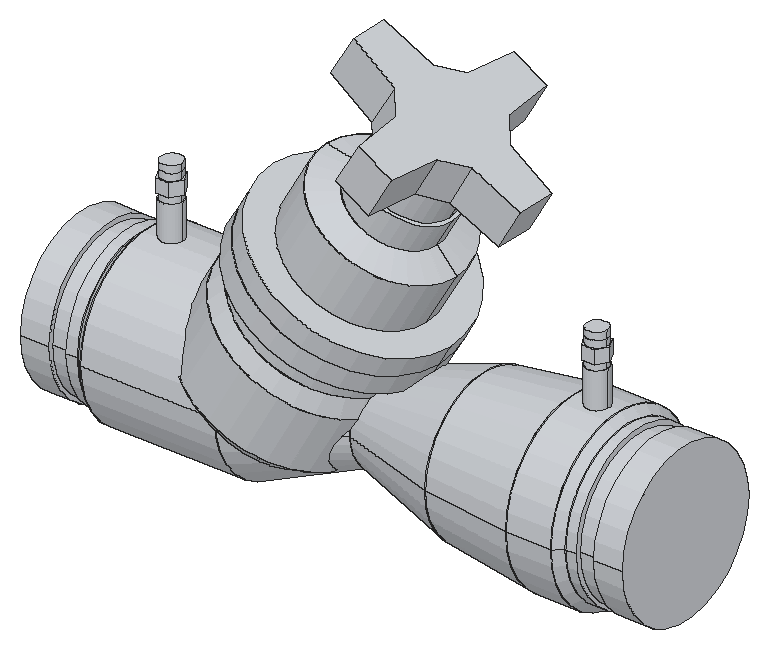
Revit family "447_d-DN050-RFA_2019", category Pipe Accessories, Revit 2019
Family settings
  Round Connector Dimension = Use Diameter
  Part Type = Valve - Breaks Into
  Work Plane-Based = No
  Always vertical = Yes
  Cut with Voids When Loaded = No
  Shared = No
Parameters (values of type "447_d-DN050")
  magiProductId = "b59a3d0ad4654cda90cee0c397c848"
  magiProductFamilyId = "eab8c084d85f47fc9aed3208e9defb"
  magiPartTypeId = 304
  isMeasuringValve [instance] = no
  ang2D [instance] = 0.00°
  W3 = 9.08 mm
  W2D = 100 mm
  W2 = 17.092 mm
  W1 = 7.25 mm
  VersionID = "2.0/2018.4.11.4/ZETKAMA_447_GROOVED_001"
  Use Minimum Symbol Size [instance] = yes
  URL = "www.hydronix.cz"
  Type Comments = "drážkový spoj; PN16; -10~+120°C;"
  R9 = 39 mm
  R8 = 16.5 mm
  R7 = 18 mm
  R6 = 36 mm
  R5 = 37 mm
  R4 = 16.5 mm
  R3 = 33 mm
  R2 = 28.5 mm
  R13 = 4.933 mm
  R12 = 3.861 mm
  R11 = 4.29 mm
  R1 = 30 mm
  R = 25 mm
  QmdConnectorList = "301;D;302;D"
  Productdata [instance] = ""
  Model = ""
  Manufacturer = "Hydronix"
  Maintenance Zone Under Depth [instance] = 30 mm
  Maintenance Zone Right Depth [instance] = 230 mm
  Maintenance Zone Over Depth [instance] = 130 mm
  Maintenance Zone Left Depth [instance] = 230 mm
  Maintenance Zone Front Depth [instance] = 130 mm
  Maintenance Zone Back Depth [instance] = 130 mm
  Maintenance Zone Front Visibility [instance] = no
  MC Product Code = "447 050 d (DN50; PN16 kvs32,15)"
  MC Piping Given Pressure Drop [instance] = 0.0 Pa
  L9 = 34.317 mm
  L8__ve = -L8  # -17.159 mm
  L8 = 17.159 mm
  L6 = 51.476 mm
  L5 = 3.286 mm
  L4__ve = -L4  # -4.381 mm
  L4 = 4.381 mm
  L3__ve = -L3  # -6.571 mm
  L3 = 6.571 mm
  L2__ve = -L2  # -10.952 mm
  L2D_Min = 3048 mm
  L2D = 350 mm
  L2 = 10.952 mm
  L13 = 8.579 mm
  L12 = 7.25 mm
  L11 = 9.08 mm
  L10 = 17.092 mm
  L1 = 115 mm
  KZ = 19.167 mm
  KL = 33.198 mm
  H9 = 3.433 mm
  H8 = 22.317 mm
  H7 = 8.583 mm
  H6 = 10.3 mm
  H5 = 6.867 mm
  H4 = 25.75 mm
  H17 = 5.2 mm
  H16 = 2.6 mm
  H15 = 46 mm
  H14 = 17.167 mm
  H13 = 12.875 mm
  H11 = 13.733 mm
  H10 = 12.017 mm
  Description = "Ruční vyvažovací ventil s drážkovým spojem"
  D = 50 mm
  CenSd_R13_6 = R13 * cos(30.00°)  # 4.272 mm
  Clearance Zone Height Depth [instance] = 130 mm
  Clearance Zone Circular Radius [instance] = 115 mm
  Clearance Zone Visibility [instance] = no
Types (10, lengths in mm): name | magiProductId | W3 | W2 | W1 | R9 | R8 | R7 | R6 | R5 | R4 | R3 | R2 | R13 | R12 | R11 | R1 | R | Maintenance Zone Under Depth | Maintenance Zone Right Depth | Maintenance Zone Over Depth | Maintenance Zone Left Depth | Maintenance Zone Front Depth | Maintenance Zone Back Depth | MC Product Code | L9 | L8__ve | L8 | L6 | L5 | L4__ve | L4 | L3__ve | L3 | L2__ve | L2 | L13 | L12 | L11 | L10 | L1 | KZ | KL | H9 | H8 | H7 | H6 | H5 | H4 | H17 | H16 | H15 | H14 | H13 | H11 | H10 | D | CenSd_R13_6 | Clearance Zone Height Depth | Clearance Zone Circular Radius
  447_d-DN100 | "e5a6bfdd9ca54003a0551f5d760c3c" | 14.437 | 30.026 | 12.736 | 74.1 | 31.35 | 34.2 | 68.4 | 65 | 31.35 | 62.7 | 54.15 | 7.507 | 5.875 | 6.528 | 57 | 50 | 57 | 350 | 240 | 350 | 130 | 130 | "447 100 d (DN100; PN16 kvs180,5)" | 52.222 | -26.111 | 26.111 | 78.333 | 5 | -6.667 | 6.667 | -10 | 10 | -16.667 | 16.667 | 13.056 | 12.736 | 14.437 | 30.026 | 175 | 29.167 | 50.518 | 6.389 | 41.531 | 15.973 | 19.168 | 12.779 | 47.92 | 9.6 | 4.8 | 86.7 | 31.947 | 23.96 | 25.557 | 22.363 | 100 | 6.501 | 240 | 175
  447_d-DN125 | "5795ec580370482d8c46e49d975863" | 14.437 | 30.026 | 12.736 | 91.65 | 38.775 | 42.3 | 84.6 | 65 | 38.775 | 77.55 | 66.975 | 8.579 | 6.714 | 7.46 | 70.5 | 62.5 | 71 | 400 | 260 | 400 | 130 | 130 | "447 125 d (DN125; PN16 kvs280,0)" | 59.683 | -29.841 | 29.841 | 89.524 | 5.714 | -7.619 | 7.619 | -11.429 | 11.429 | -19.048 | 19.048 | 14.921 | 12.736 | 14.437 | 30.026 | 200 | 33.333 | 57.735 | 7.005 | 45.534 | 17.513 | 21.016 | 14.01 | 52.539 | 10.4 | 5.2 | 103.55 | 35.026 | 26.269 | 28.021 | 24.518 | 125 | 7.43 | 260 | 200
  447_d-DN150 | "9b6b5ad10a674c51b522359e7e2d39" | 14.437 | 30.026 | 12.736 | 109.2 | 46.2 | 50.4 | 100.8 | 65 | 46.2 | 92.4 | 79.8 | 10.295 | 8.057 | 8.952 | 84 | 75 | 84 | 480 | 285 | 480 | 130 | 130 | "447 150 d (DN150; PN16 kvs383,4)" | 71.619 | -35.81 | 35.81 | 107.429 | 6.857 | -9.143 | 9.143 | -13.714 | 13.714 | -22.857 | 22.857 | 17.905 | 12.736 | 14.437 | 30.026 | 240 | 40 | 69.282 | 7.775 | 50.537 | 19.437 | 23.325 | 15.55 | 58.312 | 11.4 | 5.7 | 120.9 | 38.875 | 29.156 | 31.1 | 27.212 | 150 | 8.916 | 285 | 240
  447_d-DN200 | "f5a67fe5c2444fc986ed7f87b9a4ed" | 31.658 | 71.601 | 30.372 | 142.35 | 60.225 | 65.7 | 131.4 | 155 | 60.225 | 120.45 | 104.025 | 12.869 | 10.071 | 11.19 | 109.5 | 100 | 110 | 600 | 480 | 600 | 310 | 310 | "447 200 d (DN200; PN16 kvs710,0)" | 89.524 | -44.762 | 44.762 | 134.286 | 8.571 | -11.429 | 11.429 | -17.143 | 17.143 | -28.571 | 28.571 | 22.381 | 30.372 | 31.658 | 71.601 | 300 | 50 | 86.603 | 12.394 | 80.56 | 30.984 | 37.181 | 24.788 | 92.953 | 19.2 | 9.6 | 168.45 | 61.969 | 46.477 | 49.575 | 43.378 | 200 | 11.145 | 480 | 300
  447_d-DN250 | "7d63ae0d28f64990bc8ce3477101ef" | 31.658 | 71.601 | 30.372 | 177.45 | 75.075 | 81.9 | 163.8 | 155 | 75.075 | 150.15 | 129.675 | 15.657 | 12.254 | 13.615 | 136.5 | 125 | 137 | 730 | 525 | 730 | 310 | 310 | "447 250 d (DN250; PN16 kvs1187,5)" | 108.921 | -54.46 | 54.46 | 163.381 | 10.429 | -13.905 | 13.905 | -20.857 | 20.857 | -34.762 | 34.762 | 27.23 | 30.372 | 31.658 | 71.601 | 365 | 60.833 | 105.366 | 13.779 | 89.566 | 34.449 | 41.338 | 27.559 | 103.346 | 21 | 10.5 | 202.65 | 68.897 | 51.673 | 55.118 | 48.228 | 250 | 13.56 | 525 | 365
  447_d-DN300 | "0a2a34dba99a430aa7daf784d6b0c1" | 31.658 | 71.601 | 30.372 | 210.6 | 89.1 | 97.2 | 194.4 | 155 | 89.1 | 178.2 | 153.9 | 18.231 | 14.268 | 15.853 | 162 | 150 | 162 | 850 | 535 | 850 | 310 | 310 | "447 300 d (DN300; PN16 kvs1504,1)" | 126.825 | -63.413 | 63.413 | 190.238 | 12.143 | -16.19 | 16.19 | -24.286 | 24.286 | -40.476 | 40.476 | 31.706 | 30.372 | 31.658 | 71.601 | 425 | 70.833 | 122.687 | 14.087 | 91.568 | 35.218 | 42.262 | 28.175 | 105.655 | 21.4 | 10.7 | 231.7 | 70.437 | 52.828 | 56.349 | 49.306 | 300 | 15.789 | 535 | 425
  447_d-DN040 | "6dc4a6b5eb924103b02307904d600f" | 9.08 | 17.092 | 7.25 | 31.2 | 13.2 | 14.4 | 28.8 | 37 | 13.2 | 26.4 | 22.8 | 4.29 | 3.357 | 3.73 | 24 | 20 | 24 | 200 | 130 | 200 | 74 | 74 | "447 040 d (DN40; PN16 kvs22,36)" | 29.841 | -14.921 | 14.921 | 44.762 | 2.857 | -3.81 | 3.81 | -5.714 | 5.714 | -9.524 | 9.524 | 7.46 | 7.25 | 9.08 | 17.092 | 100 | 16.667 | 28.868 | 3.433 | 22.317 | 8.583 | 10.3 | 6.867 | 25.75 | 5.2 | 2.6 | 39.4 | 17.167 | 12.875 | 13.733 | 12.017 | 40 | 3.715 | 130 | 100
  447_d-DN050 | "b59a3d0ad4654cda90cee0c397c848" | 9.08 | 17.092 | 7.25 | 39 | 16.5 | 18 | 36 | 37 | 16.5 | 33 | 28.5 | 4.933 | 3.861 | 4.29 | 30 | 25 | 30 | 230 | 130 | 230 | 130 | 130 | "447 050 d (DN50; PN16 kvs32,15)" | 34.317 | -17.159 | 17.159 | 51.476 | 3.286 | -4.381 | 4.381 | -6.571 | 6.571 | -10.952 | 10.952 | 8.579 | 7.25 | 9.08 | 17.092 | 115 | 19.167 | 33.198 | 3.433 | 22.317 | 8.583 | 10.3 | 6.867 | 25.75 | 5.2 | 2.6 | 46 | 17.167 | 12.875 | 13.733 | 12.017 | 50 | 4.272 | 130 | 115
  447_d-DN065 | "356db372cd37496c9ff0d3ad255dc6" | 14.437 | 30.026 | 12.736 | 49.4 | 20.9 | 22.8 | 45.6 | 65 | 20.9 | 41.8 | 36.1 | 6.22 | 4.868 | 5.409 | 38 | 32.5 | 38 | 290 | 220 | 290 | 130 | 130 | "447 065 d (DN65; PN16 kvs83,3)" | 43.27 | -21.635 | 21.635 | 64.905 | 4.143 | -5.524 | 5.524 | -8.286 | 8.286 | -13.81 | 13.81 | 10.817 | 12.736 | 14.437 | 30.026 | 145 | 24.167 | 41.858 | 5.774 | 37.528 | 14.434 | 17.321 | 11.547 | 43.301 | 8.8 | 4.4 | 63.8 | 28.868 | 21.651 | 23.094 | 20.207 | 65 | 5.387 | 220 | 145
  447_d-DN080 | "f43aa02b4841429783243073d22ea7" | 14.437 | 30.026 | 12.736 | 57.85 | 24.475 | 26.7 | 53.4 | 65 | 24.475 | 48.95 | 42.275 | 6.649 | 5.204 | 5.782 | 44.5 | 40 | 45 | 310 | 220 | 310 | 130 | 130 | "447 080 d (DN80; PN16 kvs104,3)" | 46.254 | -23.127 | 23.127 | 69.381 | 4.429 | -5.905 | 5.905 | -8.857 | 8.857 | -14.762 | 14.762 | 11.563 | 12.736 | 14.437 | 30.026 | 155 | 25.833 | 44.745 | 5.774 | 37.528 | 14.434 | 17.321 | 11.547 | 43.301 | 8.8 | 4.4 | 70.95 | 28.868 | 21.651 | 23.094 | 20.207 | 80 | 5.758 | 220 | 155
Reference planes
  plane 1 "Center (Front/Back)": y = 0
  plane 2 "XYPLANE": z = 0
  plane 3 "Center (Left/Right)": x = 0
  plane 4 "159": y = 130
  plane 5 "158": y = -130
  plane 6 "157": z = -30
  plane 7 "156": z = 130
  plane 8 "155": x = -230
  plane 9 "154": x = 230
  plane 10 "132": z = 56.4
  plane 11 "125": z = 53.8
  plane 12 "120": z = 48.6
  plane 13 "119": z = 46
  plane 14 "112": x = 81.23
  plane 15 "111": x = -81.23
  plane 16 "109": y = -9.08
  plane 17 "108": y = 9.08
  plane 18 "105": through (352.529, 0, 662.493) normal (0.866, 0, -0.5)
  plane 19 "104": through (339.971, 0, 669.743) normal (0.866, 0, -0.5)
  plane 20 "103": y = -17.092
  plane 21 "102": y = -7.25
  plane 22 "101": y = 17.092
  plane 23 "100": y = 7.25
  plane 24 "99": through (338.387, 0, 670.658) normal (0.866, 0, -0.5)
  plane 25 "98": through (331.448, 0, 674.664) normal (0.866, 0, -0.5)
  plane 26 "97": through (354.113, 0, 661.578) normal (0.866, 0, -0.5)
  plane 27 "96": through (361.052, 0, 657.572) normal (0.866, 0, -0.5)
  plane 28 "95": y = -37
  plane 29 "94": y = 37
  plane 30 "93": through (378.293, 0, 647.618) normal (0.866, 0, -0.5)
  plane 31 "92": through (314.207, 0, 684.618) normal (0.866, 0, -0.5)
  plane 32 "88": x = 38.333
  plane 33 "87": x = 72.651
  plane 34 "81": through (-603.311, 0, 455.035) normal (0.5, 0, 0.866)
  plane 35 "80": through (-610.178, 0, 443.141) normal (0.5, 0, 0.866)
  plane 36 "75": through (-616.186, 0, 432.735) normal (0.5, 0, 0.866)
  plane 37 "72": through (-617.903, 0, 429.761) normal (0.5, 0, 0.866)
  plane 38 "68": through (-629.061, 0, 410.435) normal (0.5, 0, 0.866)
  plane 39 "67": through (-633.353, 0, 403.001) normal (0.5, 0, 0.866)
  plane 40 "62": through (-665.54, 0, 347.251) normal (0.5, 0, 0.866)
  plane 41 "61": through (-637.644, 0, 395.568) normal (0.5, 0, 0.866)
  plane 42 "58": through (-642.794, 0, 386.648) normal (0.5, 0, 0.866)
  plane 43 "56": through (-646.227, 0, 380.701) normal (0.5, 0, 0.866)
  plane 44 "51": y = 0
  plane 45 "49": through (346.25, 0, 666.118) normal (0.866, 0, -0.5)
  plane 46 "48": through (-659.102, 0, 358.401) normal (0.5, 0, 0.866)
  plane 47 "30": x = 89.81
  plane 48 "29": x = 93.095
  plane 49 "28": x = 97.476
  plane 50 "27": x = 104.048
  plane 51 "14": x = -38.333
  plane 52 "13": x = -89.81
  plane 53 "12": x = -93.095
  plane 54 "11": x = -97.476
  plane 55 "10": x = -104.048
  plane 56 "8": x = -115
  plane 57 "7": x = 115
  plane 58 "6": y = 0
  plane 59 "5": x = 0
  plane 60 "4": z = 0
  plane 61 "45XY": through (-649.519, 0, 375) normal (0.5, 0, 0.866)
  plane 62 "45XZ": y = 0
  plane 63 "45YZ": through (375, 0, 649.519) normal (0.866, 0, -0.5)
Forms (mm)
  Blend 1, solid, visible <- "Maintenance Zone Front Visibility"
    base sketch origin (-750, 0, -30) x (1, 0, 0) y (0, 1, 0)
      loop
        line (520, 130) -> (520, -130) -> (980, -130) -> (980, 130) -> (520, 130)
    top sketch origin (-750, 0, -30) x (1, 0, 0) y (0, 1, 0)
      loop
        line (520, 130) -> (520, -130) -> (980, -130) -> (980, 130) -> (520, 130)
    from 0 to 160
  Extrusion 2, solid, visible <- "Clearance Zone Visibility"
    sketch origin (-750, 0, 0) x (1, 0, 0) y (0, 1, 0)
      loop
        circle (750, 0) r 115
    from 0 to 130 <- "Clearance Zone Height Depth"
  Extrusion 3, solid
    sketch origin (-750, 0, 56.4) x (1, 0, 0) y (0, 1, 0)
      loop
        circle (831.23, 0) r 3.861
    from 0 to 2.6 <- "H16"
  Extrusion 4, solid
    sketch origin (-750, 0, 53.8) x (1, 0, 0) y (0, 1, 0)
      loop
        circle (831.23, 0) r 3.861
    from 0 to 2.6 <- "H16"
  Extrusion 5, solid
    sketch origin (-750, 0, 56.4) x (1, 0, 0) y (0, 1, 0)
      loop
        circle (668.77, 0) r 3.861
    from 0 to 2.6 <- "H16"
  Extrusion 6, solid
    sketch origin (-750, 0, 53.8) x (1, 0, 0) y (0, 1, 0)
      loop
        circle (668.77, 0) r 3.861
    from 0 to 2.6 <- "H16"
  Extrusion 7, solid
    sketch origin (-750, 0, 48.6) x (1, 0, 0) y (0, 1, 0)
      loop
        line (836.163, 0) -> (833.697, 4.272) -> (828.764, 4.272) -> (826.297, 0) -> (828.764, -4.272) -> (833.697, -4.272) -> (836.163, 0)
    from 0 to 5.2 <- "H17"
  Extrusion 8, solid
    sketch origin (-750, 0, 48.6) x (1, 0, 0) y (0, 1, 0)
      loop
        line (673.703, 0) -> (671.236, 4.272) -> (666.303, 4.272) -> (663.837, 0) -> (666.303, -4.272) -> (671.236, -4.272) -> (673.703, 0)
    from 0 to 5.2 <- "H17"
  Extrusion 9, solid
    sketch origin (-750, 0, 46) x (1, 0, 0) y (0, 1, 0)
      loop
        circle (831.23, 0) r 3.861
    from 0 to 2.6 <- "H16"
  Extrusion 10, solid
    sketch origin (-750, 0, 46) x (1, 0, 0) y (0, 1, 0)
      loop
        circle (668.77, 0) r 3.861
    from 0 to 2.6 <- "H16"
  Extrusion 11, solid
    sketch origin (-750, 0, 0) x (1, 0, 0) y (0, 1, 0)
      loop
        circle (831.23, 0) r 4.29
    from 0 to 46 <- "H15"
  Extrusion 12, solid
    sketch origin (-750, 0, 0) x (1, 0, 0) y (0, 1, 0)
      loop
        circle (668.77, 0) r 4.29
    from 0 to 46 <- "H15"
  Extrusion 13, solid
    sketch origin (-603.311, 0, 455.035) x (0.866025, 0, -0.5) y (0, 1, 0)
      loop
        line (679.802, 7.25) -> (679.802, -7.25) -> (699.711, -9.08) -> (707.723, -17.092) -> (709.552, -37) -> (724.052, -37) -> (725.882, -17.092) -> (733.894, -9.08) -> (753.802, -7.25) -> (753.802, 7.25) -> (733.894, 9.08) -> (725.882, 17.092) -> (724.052, 37) -> (709.552, 37) -> (707.723, 17.092) -> (699.711, 9.08) -> (679.802, 7.25)
    from 0 to 17.167 <- "H14"
  Blend 14, solid
    base sketch origin (72.651, -750, 0) x (0, 1, 0) y (0, 0, 1)
      loop
        circle (750, 0) r 33
    top sketch origin (72.651, -750, 0) x (0, 1, 0) y (0, 0, 1)
      loop
        circle (750, 0) r 28.5
    from 0 to -34.317
  Extrusion 15, solid
    sketch origin (-633.353, 0, 403.001) x (0.866025, 0, -0.5) y (0, 1, 0)
      loop
        circle (716.802, 0) r 39
    from 0 to 8.583 <- "H7"
  Extrusion 16, solid
    sketch origin (-637.644, 0, 395.568) x (0.866025, 0, -0.5) y (0, 1, 0)
      loop
        circle (716.802, 0) r 39
    from 0 to 8.583 <- "H7"
  Extrusion 17, solid
    sketch origin (-610.178, 0, 443.141) x (0.866025, 0, -0.5) y (0, 1, 0)
      loop
        circle (716.802, 0) r 16.5
    from 0 to 13.733 <- "H11"
  Blend 18, solid
    base sketch origin (-617.903, 0, 429.761) x (0.866025, 0, -0.5) y (0, 1, 0)
      loop
        circle (716.802, 0) r 28.5
    top sketch origin (-617.903, 0, 429.761) x (0.866025, 0, -0.5) y (0, 1, 0)
      loop
        circle (716.802, 0) r 18
    from 0 to 3.433
  Extrusion 19, solid
    sketch origin (-629.061, 0, 410.435) x (0.866025, 0, -0.5) y (0, 1, 0)
      loop
        circle (716.802, 0) r 28.5
    from 0 to 22.317 <- "H8"
  Extrusion 20, solid
    sketch origin (-616.186, 0, 432.735) x (0.866025, 0, -0.5) y (0, 1, 0)
      loop
        circle (716.802, 0) r 18
    from 0 to 12.017 <- "H10"
  Blend 21, solid
    base sketch origin (-659.102, 0, 358.401) x (0.866025, 0, -0.5) y (0, 1, 0)
      loop
        circle (716.802, 0) r 36
    top sketch origin (-659.102, 0, 358.401) x (0.866025, 0, -0.5) y (0, 1, 0)
      loop
        circle (716.802, 0) r 25
    from 0 to -12.875
  Extrusion 22, solid
    sketch origin (-642.794, 0, 386.648) x (0.866025, 0, -0.5) y (0, 1, 0)
      loop
        circle (716.802, 0) r 33
    from 0 to 10.3 <- "H6"
  Blend 23, solid
    base sketch origin (-646.227, 0, 380.701) x (0.866025, 0, -0.5) y (0, 1, 0)
      loop
        circle (716.802, 0) r 36
    top sketch origin (-646.227, 0, 380.701) x (0.866025, 0, -0.5) y (0, 1, 0)
      loop
        circle (716.802, 0) r 33
    from 0 to 6.867
  Extrusion 24, solid
    sketch origin (-659.102, 0, 358.401) x (0.866025, 0, -0.5) y (0, 1, 0)
      loop
        circle (716.802, 0) r 36
    from 0 to 25.75 <- "H4"
  Extrusion 25, solid
    sketch origin (115, -750, 0) x (0, 1, 0) y (0, 0, 1)
      loop
        circle (750, 0) r 30
    from 0 to -10.952 <- "L2__ve"
  Extrusion 26, solid
    sketch origin (104.048, -750, 0) x (0, 1, 0) y (0, 0, 1)
      loop
        circle (750, 0) r 28.5
    from 0 to -6.571 <- "L3__ve"
  Extrusion 27, solid
    sketch origin (97.476, -750, 0) x (0, 1, 0) y (0, 0, 1)
      loop
        circle (750, 0) r 30
    from 0 to -4.381 <- "L4__ve"
  Blend 28, solid
    base sketch origin (93.095, -750, 0) x (0, 1, 0) y (0, 0, 1)
      loop
        circle (750, 0) r 30
    top sketch origin (93.095, -750, 0) x (0, 1, 0) y (0, 0, 1)
      loop
        circle (750, 0) r 33
    from 0 to -3.286
  Extrusion 29, solid
    sketch origin (89.81, -750, 0) x (0, 1, 0) y (0, 0, 1)
      loop
        circle (750, 0) r 33
    from 0 to -17.159 <- "L8__ve"
  Blend 30, solid
    base sketch origin (38.333, -750, 0) x (0, 1, 0) y (0, 0, 1)
      loop
        circle (750, 0) r 28.5
    top sketch origin (38.333, -750, 0) x (0, 1, 0) y (0, 0, 1)
      loop
        circle (750, 0) r 16.5
    from 0 to -38.333
  Blend 31, solid
    base sketch origin (-38.333, -750, 0) x (0, 1, 0) y (0, 0, 1)
      loop
        circle (750, 0) r 33
    top sketch origin (-38.333, -750, 0) x (0, 1, 0) y (0, 0, 1)
      loop
        circle (750, 0) r 16.5
    from 0 to 38.333
  Extrusion 32, solid
    sketch origin (-89.81, -750, 0) x (0, 1, 0) y (0, 0, 1)
      loop
        circle (750, 0) r 33
    from 0 to 51.476 <- "L6"
  Blend 33, solid
    base sketch origin (-93.095, -750, 0) x (0, 1, 0) y (0, 0, 1)
      loop
        circle (750, 0) r 30
    top sketch origin (-93.095, -750, 0) x (0, 1, 0) y (0, 0, 1)
      loop
        circle (750, 0) r 33
    from 0 to 3.286
  Extrusion 34, solid
    sketch origin (-97.476, -750, 0) x (0, 1, 0) y (0, 0, 1)
      loop
        circle (750, 0) r 30
    from 0 to 4.381 <- "L4"
  Extrusion 35, solid
    sketch origin (-104.048, -750, 0) x (0, 1, 0) y (0, 0, 1)
      loop
        circle (750, 0) r 28.5
    from 0 to 6.571 <- "L3"
  Extrusion 36, solid
    sketch origin (-115, -750, 0) x (0, 1, 0) y (0, 0, 1)
      loop
        circle (750, 0) r 30
    from 0 to 10.952 <- "L2"
  Extrusion 37, solid, not visible
    sketch origin (-115, -750, 0) x (0, 1, 0) y (0, 0, 1)
      loop
        circle (750, 0) r 4.514
    from 0 to 10
  Extrusion 38, solid, not visible
    sketch origin (115, -750, 0) x (0, 1, 0) y (0, 0, 1)
      loop
        circle (750, 0) r 4.514
    from 0 to -10
Lines and regions (mm)
  reference lines, not visible
    curve 1: circle (2, 2, 0) r 1 normal (0, 0, 1)
  reference lines
    curve 2: line (81.23, 0, 48.6) -> (79.353, 3.251, 48.6)
    curve 3: line (81.23, 0, 48.6) -> (77.477, 0, 48.6)
    curve 4: line (81.23, 0, 48.6) -> (79.353, -3.251, 48.6)
    curve 5: line (-81.23, 0, 48.6) -> (-83.107, 3.251, 48.6)
    curve 6: line (-81.23, 0, 48.6) -> (-84.984, 0, 48.6)
    curve 7: line (-81.23, 0, 48.6) -> (-83.107, -3.251, 48.6)
Dimensions and locks
  plane 1 "Center (Front/Back)" to curve 1 = 2 mm
  "Maintenance Zone Back Depth": plane 1 "Center (Front/Back)" to plane 4 "159"
  "Maintenance Zone Front Depth": plane 1 "Center (Front/Back)" to plane 5 "158"
  "Maintenance Zone Under Depth": plane 2 "XYPLANE" to plane 6 "157"
  "Maintenance Zone Over Depth": plane 2 "XYPLANE" to plane 7 "156"
  "Maintenance Zone Left Depth": plane 3 "Center (Left/Right)" to plane 8 "155"
  "Maintenance Zone Right Depth": plane 3 "Center (Left/Right)" to plane 9 "154"
  "H16": plane 11 "125" to plane 10 "132"
  "H17": plane 12 "120" to plane 11 "125"
  "H16": plane 13 "119" to plane 12 "120"
  "H15": plane 2 "XYPLANE" to plane 13 "119"
  "L13": plane 47 "30" to plane 14 "112"
  "L13": plane 52 "13" to plane 15 "111"
  "W3": plane 44 "51" to plane 16 "109"
  "W3": plane 44 "51" to plane 17 "108"
  "L12": plane 45 "49" to plane 18 "105"
  "L12": plane 45 "49" to plane 19 "104"
  "W2": plane 58 "6" to plane 20 "103"
  "W1": plane 58 "6" to plane 21 "102"
  "W2": plane 58 "6" to plane 22 "101"
  "W1": plane 58 "6" to plane 23 "100"
  "L11": plane 45 "49" to plane 24 "99"
  "L10": plane 45 "49" to plane 25 "98"
  "L11": plane 45 "49" to plane 26 "97"
  "L10": plane 45 "49" to plane 27 "96"
  "R5": plane 58 "6" to plane 28 "95"
  "R5": plane 58 "6" to plane 29 "94"
  "R5": plane 45 "49" to plane 30 "93"
  "R5": plane 45 "49" to plane 31 "92"
  "L9": plane 33 "87" to plane 32 "88"
  "L8": plane 47 "30" to plane 33 "87"
  "H11": plane 35 "80" to plane 34 "81"
  "H10": plane 36 "75" to plane 35 "80"
  "H9": plane 37 "72" to plane 36 "75"
  "H8": plane 38 "68" to plane 37 "72"
  "H7": plane 39 "67" to plane 38 "68"
  "H7": plane 41 "61" to plane 39 "67"
  "H13": plane 46 "48" to plane 40 "62"
  "H6": plane 42 "58" to plane 41 "61"
  "H5": plane 43 "56" to plane 42 "58"
  "H4": plane 46 "48" to plane 43 "56"
  locked: plane 58 "6" to plane 44 "51"
  "KL": plane 63 "45YZ" to plane 45 "49"
  "KZ": plane 61 "45XY" to plane 46 "48"
  "L5": plane 48 "29" to plane 47 "30"
  "L4": plane 49 "28" to plane 48 "29"
  "L3": plane 50 "27" to plane 49 "28"
  "L2": plane 57 "7" to plane 50 "27"
  "L6": plane 52 "13" to plane 51 "14"
  "L5": plane 53 "12" to plane 52 "13"
  "L4": plane 54 "11" to plane 53 "12"
  "L3": plane 55 "10" to plane 54 "11"
  "L2": plane 56 "8" to plane 55 "10"
  "L1": plane 3 "Center (Left/Right)" to plane 56 "8"
  "L1": plane 3 "Center (Left/Right)" to plane 57 "7"
  locked: plane 1 "Center (Front/Back)" to plane 58 "6"
  locked: plane 3 "Center (Left/Right)" to plane 59 "5"
  locked: plane 2 "XYPLANE" to plane 60 "4"
  Blend 1 sketch curve to Blend 1 sketch curve = 0 mm  (x16)
  "CenSd_R13_6": curve 2 to Extrusion 7 sketch curve  (x2)
  "CenSd_R13_6": curve 3 to Extrusion 7 sketch curve  (x2)
  "CenSd_R13_6": curve 4 to Extrusion 7 sketch curve  (x2)
  Extrusion 7 sketch curve to Extrusion 7 sketch curve = 0 mm  (x12)
  "CenSd_R13_6": curve 5 to Extrusion 8 sketch curve  (x2)
  "CenSd_R13_6": curve 6 to Extrusion 8 sketch curve  (x2)
  "CenSd_R13_6": curve 7 to Extrusion 8 sketch curve  (x2)
  Extrusion 8 sketch curve to Extrusion 8 sketch curve = 0 mm  (x12)
  Extrusion 13 sketch curve to Extrusion 13 sketch curve = 0 mm  (x32)
  "Clearance Zone Circular Radius": radius of Extrusion 2 sketch curve
  "R12": radius of Extrusion 3 sketch curve
  "R12": radius of Extrusion 4 sketch curve
  "R12": radius of Extrusion 5 sketch curve
  "R12": radius of Extrusion 6 sketch curve
  "R12": radius of Extrusion 9 sketch curve
  "R12": radius of Extrusion 10 sketch curve
  "R11": radius of Extrusion 11 sketch curve
  "R11": radius of Extrusion 12 sketch curve
  "R2": radius of Blend 14 sketch curve
  "R3": radius of Blend 14 sketch curve
  "R9": radius of Extrusion 15 sketch curve
  "R9": radius of Extrusion 16 sketch curve
  "R8": radius of Extrusion 17 sketch curve
  "R7": radius of Blend 18 sketch curve
  "R2": radius of Blend 18 sketch curve
  "R2": radius of Extrusion 19 sketch curve
  "R7": radius of Extrusion 20 sketch curve
  "R": radius of Blend 21 sketch curve
  "R6": radius of Blend 21 sketch curve
  "R3": radius of Extrusion 22 sketch curve
  "R3": radius of Blend 23 sketch curve
  "R6": radius of Blend 23 sketch curve
  "R6": radius of Extrusion 24 sketch curve
  "R1": radius of Extrusion 25 sketch curve
  "R2": radius of Extrusion 26 sketch curve
  "R1": radius of Extrusion 27 sketch curve
  "R3": radius of Blend 28 sketch curve
  "R1": radius of Blend 28 sketch curve
  "R3": radius of Extrusion 29 sketch curve
  "R4": radius of Blend 30 sketch curve
  "R2": radius of Blend 30 sketch curve
  "R4": radius of Blend 31 sketch curve
  "R3": radius of Blend 31 sketch curve
  "R3": radius of Extrusion 32 sketch curve
  "R3": radius of Blend 33 sketch curve
  "R1": radius of Blend 33 sketch curve
  "R1": radius of Extrusion 34 sketch curve
  "R2": radius of Extrusion 35 sketch curve
  "R1": radius of Extrusion 36 sketch curve
  locked: curve 3 to curve 2 (angle 60.00°)
  locked: curve 4 to curve 3 (angle 60.00°)
  locked: curve 4 to curve 2 (angle 120.00°)
  locked: curve 6 to curve 5 (angle 60.00°)
  locked: curve 7 to curve 6 (angle 60.00°)
  locked: curve 7 to curve 5 (angle 120.00°)
  aligned and locked: level to plane 2 "XYPLANE"
  aligned and locked: Blend 1 sketch curve to plane 8 "155"  (x2)
  aligned and locked: plane 4 "159" to Blend 1 sketch curve  (x4)
  aligned and locked: plane 5 "158" to Blend 1 sketch curve  (x4)
  aligned and locked: plane 8 "155" to Blend 1 sketch curve  (x2)
  aligned and locked: plane 9 "154" to Blend 1 sketch curve  (x4)
  aligned and locked: plane 7 "156" to Blend 1
  aligned and locked: plane 58 "6" to Extrusion 2 sketch curve
  aligned and locked: plane 59 "5" to Extrusion 2 sketch curve
  aligned and locked: plane 14 "112" to Extrusion 3 sketch curve
  aligned and locked: plane 58 "6" to Extrusion 3 sketch curve
  aligned and locked: plane 14 "112" to Extrusion 4 sketch curve
  aligned and locked: plane 58 "6" to Extrusion 4 sketch curve
  aligned and locked: plane 15 "111" to Extrusion 5 sketch curve
  aligned and locked: plane 58 "6" to Extrusion 5 sketch curve
  aligned and locked: plane 15 "111" to Extrusion 6 sketch curve
  aligned and locked: plane 58 "6" to Extrusion 6 sketch curve
  aligned and locked: plane 14 "112" to curve 4
  aligned and locked: plane 58 "6" to curve 4
  aligned and locked: plane 15 "111" to curve 6
  aligned and locked: plane 58 "6" to curve 6
  aligned and locked: plane 14 "112" to Extrusion 9 sketch curve
  aligned and locked: plane 58 "6" to Extrusion 9 sketch curve
  aligned and locked: plane 15 "111" to Extrusion 10 sketch curve
  aligned and locked: plane 58 "6" to Extrusion 10 sketch curve
  aligned and locked: plane 14 "112" to Extrusion 11 sketch curve
  aligned and locked: plane 58 "6" to Extrusion 11 sketch curve
  aligned and locked: plane 15 "111" to Extrusion 12 sketch curve
  aligned and locked: plane 58 "6" to Extrusion 12 sketch curve
  aligned and locked: Extrusion 13 sketch curve to plane 31 "92"  (x2)
  aligned and locked: plane 23 "100" to Extrusion 13 sketch curve  (x2)
  aligned and locked: plane 21 "102" to Extrusion 13 sketch curve  (x2)
  aligned and locked: plane 16 "109" to Extrusion 13 sketch curve  (x2)
  aligned and locked: Extrusion 13 sketch curve to plane 25 "98"
  aligned and locked: plane 20 "103" to Extrusion 13 sketch curve  (x2)
  aligned and locked: Extrusion 13 sketch curve to plane 24 "99"
  aligned and locked: plane 28 "95" to Extrusion 13 sketch curve  (x2)
  aligned and locked: Extrusion 13 sketch curve to plane 19 "104"
  aligned and locked: Extrusion 13 sketch curve to plane 18 "105"
  aligned and locked: Extrusion 13 sketch curve to plane 26 "97"
  aligned and locked: Extrusion 13 sketch curve to plane 27 "96"
  aligned and locked: Extrusion 13 sketch curve to plane 30 "93"
  aligned and locked: plane 30 "93" to Extrusion 13 sketch curve
  aligned and locked: plane 17 "108" to Extrusion 13 sketch curve  (x2)
  aligned and locked: plane 27 "96" to Extrusion 13 sketch curve
  aligned and locked: plane 22 "101" to Extrusion 13 sketch curve  (x2)
  aligned and locked: plane 26 "97" to Extrusion 13 sketch curve
  aligned and locked: plane 18 "105" to Extrusion 13 sketch curve
  aligned and locked: plane 29 "94" to Extrusion 13 sketch curve  (x2)
  aligned and locked: plane 19 "104" to Extrusion 13 sketch curve
  aligned and locked: plane 24 "99" to Extrusion 13 sketch curve
  aligned and locked: plane 25 "98" to Extrusion 13 sketch curve
  aligned and locked: Blend 14 sketch curve to plane 58 "6"  (x2)
  aligned and locked: plane 60 "4" to Blend 14 sketch curve  (x2)
  aligned and locked: Blend 14 to plane 32 "88"
  aligned and locked: plane 44 "51" to Extrusion 15 sketch curve
  aligned and locked: Extrusion 15 sketch curve to plane 45 "49"
  aligned and locked: plane 44 "51" to Extrusion 16 sketch curve
  aligned and locked: Extrusion 16 sketch curve to plane 45 "49"
  aligned and locked: plane 44 "51" to Extrusion 17 sketch curve
  aligned and locked: Extrusion 17 sketch curve to plane 45 "49"
  aligned and locked: plane 44 "51" to Blend 18 sketch curve  (x2)
  aligned and locked: Blend 18 sketch curve to plane 45 "49"  (x2)
  aligned and locked: plane 36 "75" to Blend 18
  aligned and locked: plane 44 "51" to Extrusion 19 sketch curve
  aligned and locked: Extrusion 19 sketch curve to plane 45 "49"
  aligned and locked: plane 44 "51" to Extrusion 20 sketch curve
  aligned and locked: Extrusion 20 sketch curve to plane 45 "49"
  aligned and locked: plane 44 "51" to Blend 21 sketch curve  (x2)
  aligned and locked: Blend 21 sketch curve to plane 45 "49"  (x2)
  aligned and locked: Blend 21 to plane 40 "62"
  aligned and locked: plane 44 "51" to Extrusion 22 sketch curve
  aligned and locked: Extrusion 22 sketch curve to plane 45 "49"
  aligned and locked: plane 44 "51" to Blend 23 sketch curve  (x2)
  aligned and locked: Blend 23 sketch curve to plane 45 "49"  (x2)
  aligned and locked: plane 42 "58" to Blend 23
  aligned and locked: plane 44 "51" to Extrusion 24 sketch curve
  aligned and locked: Extrusion 24 sketch curve to plane 45 "49"
  aligned and locked: Extrusion 25 sketch curve to plane 58 "6"
  aligned and locked: plane 60 "4" to Extrusion 25 sketch curve
  aligned and locked: Extrusion 26 sketch curve to plane 58 "6"
  aligned and locked: plane 60 "4" to Extrusion 26 sketch curve
  aligned and locked: Extrusion 27 sketch curve to plane 58 "6"
  aligned and locked: plane 60 "4" to Extrusion 27 sketch curve
  aligned and locked: Blend 28 sketch curve to plane 58 "6"  (x2)
  aligned and locked: plane 60 "4" to Blend 28 sketch curve  (x2)
  aligned and locked: Blend 28 to plane 47 "30"
  aligned and locked: Extrusion 29 sketch curve to plane 58 "6"
  aligned and locked: plane 60 "4" to Extrusion 29 sketch curve
  aligned and locked: Blend 30 sketch curve to plane 58 "6"  (x2)
  aligned and locked: plane 60 "4" to Blend 30 sketch curve  (x2)
  aligned and locked: Blend 30 to plane 59 "5"
  aligned and locked: Blend 31 sketch curve to plane 58 "6"  (x2)
  aligned and locked: plane 60 "4" to Blend 31 sketch curve  (x2)
  aligned and locked: plane 59 "5" to Blend 31
  aligned and locked: Extrusion 32 sketch curve to plane 58 "6"
  aligned and locked: plane 60 "4" to Extrusion 32 sketch curve
  aligned and locked: Blend 33 sketch curve to plane 58 "6"  (x2)
  aligned and locked: plane 60 "4" to Blend 33 sketch curve  (x2)
  aligned and locked: plane 52 "13" to Blend 33
  aligned and locked: Extrusion 34 sketch curve to plane 58 "6"
  aligned and locked: plane 60 "4" to Extrusion 34 sketch curve
  aligned and locked: Extrusion 35 sketch curve to plane 58 "6"
  aligned and locked: plane 60 "4" to Extrusion 35 sketch curve
  aligned and locked: Extrusion 36 sketch curve to plane 58 "6"
  aligned and locked: plane 60 "4" to Extrusion 36 sketch curve
  aligned and locked: Extrusion 37 sketch curve to plane 58 "6"
  aligned and locked: plane 60 "4" to Extrusion 37 sketch curve
  aligned and locked: Extrusion 38 sketch curve to plane 58 "6"
  aligned and locked: plane 60 "4" to Extrusion 38 sketch curve
Automatic sketch dimensions
  plane 21 "102" to Extrusion 37 sketch curve = 2.736 mm
  plane 21 "102" to Extrusion 38 sketch curve = 2.736 mm
  plane 3 "Center (Left/Right)" to curve 1 = 2 mm
  radius of curve 1 = 1 mm
Connectors
  piping at (-115, 0, 0), diameter 50, driven by "D"
    settings: on Extrusion 37, index 1, connector inside diameter 609.6 mm, connector length 0 mm, flow factor 0, pipe flow 0.0 L/s, pressure drop 0.0 Pa, fitting loss kfactor 0, connector angle 0.00°, fixture units 0, engagement length 0 mm, angle of deflection 0.00°, flow configuration 0, flow direction 0, fitting loss method 0, system type 29, joint type 0, gender type 0, connector reference index 2, connector utility 0, adjustable connector no, is connector primary yes, connector description ""
  piping at (115, 0, 0), diameter 50, driven by "D"
    settings: on Extrusion 38, index 2, connector inside diameter 609.6 mm, connector length 0 mm, flow factor 0, pipe flow 0.0 L/s, pressure drop 0.0 Pa, fitting loss kfactor 0, connector angle 0.00°, fixture units 0, engagement length 0 mm, angle of deflection 0.00°, flow configuration 0, flow direction 0, fitting loss method 0, system type 29, joint type 0, gender type 0, connector reference index 1, connector utility 0, adjustable connector no, is connector primary no, connector description ""
